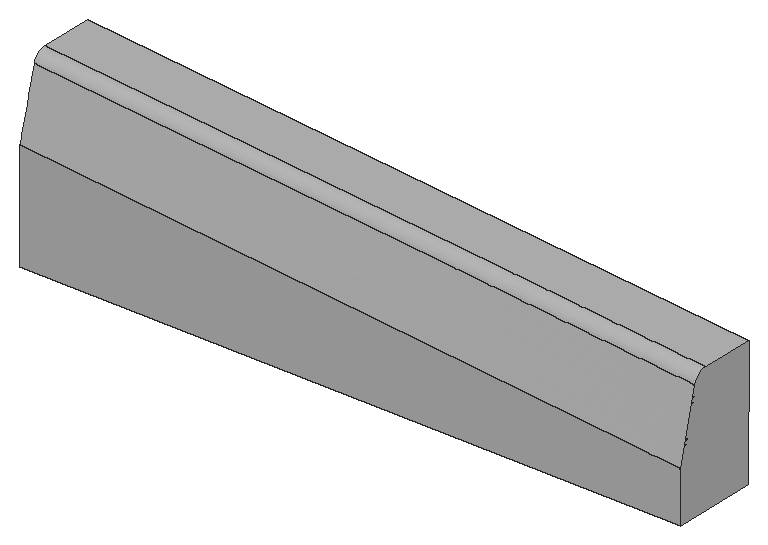
Revit family "K176 Dropper Kerb", category Generic Models, Revit 2020
Family settings
  Can host rebar = No
  Round Connector Dimension = Use Diameter
  Part Type = Normal
  Work Plane-Based = No
  Always vertical = Yes
  Cut with Voids When Loaded = No
  Shared = No
  Room Calculation Point = No
Parameters
  Weight = "57Kg."
  Warranty Guarantor Parts = "n/a"
  Warranty Guarantor Labour = "n/a"
  Warranty Duration Unit = "n/a"
  Warranty Duration Parts = "n/a"
  Warranty Duration Labour = "n/a"
  Warranty Description = "n/a"
  Unit Width [instance] = 116 mm
  Unit Length [instance] = 914 mm
  Unit Height [instance] = 254 mm
  URL = "www.killeshal.com"
  Types = "Single L.H. or R.H."
  Type Comments = "Visit our website for a full list of available products."
  Sustainability Performance = "n/a"
  Structural Class = "n/a"
  Span = "Length."
  Slope = "0.00°"
  Size = "116 Wide x 254 High x 914mm Long."
  Shape = "As per drawing"
  Service Life = "0.000000"
  Serial Number = "n/a"
  Resistance to Fire = "n/a"
  Replacement Cost = "n/a"
  Reference = "n/a"
  Notified Body = "n/a"
  Nominal Cover to Main Bar = "n/a"
  Model = "K/176 Kerb."
  Mechanical Resistance = "n/a"
  Manufacturer = "Killeshal Precast Concrete Ltd."
  Load Bearing = no
  Life Cycle Environmental Load = "n/a"
  Length Options = "914mm."
  Keynote = "The information contained is the sole property of KPC Ltd., any reproduction in part or whole without permission of KPC Ltd. is prohibited."
  Environmental Product Declaration = "n/a"
  Environmental Class = "n/a"
  Durability against Corrosion = "n/a"
  Dimension Accuracy Class = "I.S. EN 1340:2003"
  Detailing = "As per design specification and product drawings."
  Description = "10\" x 5\" to 7\" x 5\" Dropper Kerb."
  Default Elevation = 0 mm
  Dangerous Substances = "n/a"
  Contact Tel = "0035357 9353018"
  Contact Email = "sales@killeshal.com"
  Construction Type = "Precast"
  Construction Tolerance Class = "I.S. EN 1340:2003"
  Compressive Strength of Concrete = "n/a"
  Characteristics of Reinforcing Steel = "n/a"
  Characteristics Deflection Under Load = "n/a"
Reference planes
  plane 1 "Center (Front/Back)": y = 0
  plane 2: z = 0
  plane 3 "Center (Left/Right)": x = 0
  plane 4 "Rear": y = 58
  plane 5 "Front": y = -58
  plane 6 "Top": z = 254
  plane 7 "Center L/W": z = 150
  plane 8 "Center L/Y": y = -30
Forms (mm)
  Blend 1, solid, material "Precast Concrete (KPC)"
    base sketch origin (0, 0, 0) x (0, 1, 0) y (0, 0, 1)
      loop
        line (58, 0) -> (58, 254) -> (-15.4, 254)
        arc (-15.4, 254) -> (-26.954, 250.083) -> (-33.745, 239.947) r 19
        line (-33.745, 239.947) -> (-58, 150) -> (-58, 0) -> (58, 0)
    top sketch origin (0, 0, 0) x (0, 1, 0) y (0, 0, 1)
      loop
        line (58, 0) -> (58, 178) -> (-15.4, 178)
        arc (-15.4, 178) -> (-27.035, 174.021) -> (-33.797, 163.749) r 19
        line (-33.797, 163.749) -> (-58, 70) -> (-58, 0) -> (58, 0)
    from 0 to 914
Dimensions and locks
  plane 7 "Center L/W" to level = 150 mm
  plane 4 "Rear" to plane 8 "Center L/Y" = 88 mm
  "Unit Height": Blend 1 to plane 6 "Top"
  Blend 1 to Blend 1 = 178 mm
  "Unit Width": Blend 1 to Blend 1
  Blend 1 to Blend 1 = 70 mm
  "Unit Length": Blend 1 to Blend 1
  aligned and locked: level to plane 2
Automatic sketch dimensions
  Blend 1 sketch curve to level = 0 mm  (x2)
  Blend 1 sketch curve to plane 5 "Front" = 0 mm  (x2)
  Blend 1 sketch curve to plane 6 "Top" = 0 mm
  Blend 1 sketch curve to plane 4 "Rear" = 0 mm  (x2)
  Blend 1 sketch curve to plane 7 "Center L/W" = 0 mm
  Blend 1 sketch curve to plane 8 "Center L/Y" = 3.745 mm
  plane 8 "Center L/Y" to Blend 1 sketch curve = 14.6 mm  (x2)
  Blend 1 sketch curve to Blend 1 sketch curve = 19 mm
  Blend 1 sketch curve to plane 8 "Center L/Y" = 3.797 mm
  level to Blend 1 sketch curve = 70 mm
  plane 7 "Center L/W" to Blend 1 sketch curve = 9 mm
  plane 7 "Center L/W" to Blend 1 sketch curve = 13.749 mm
